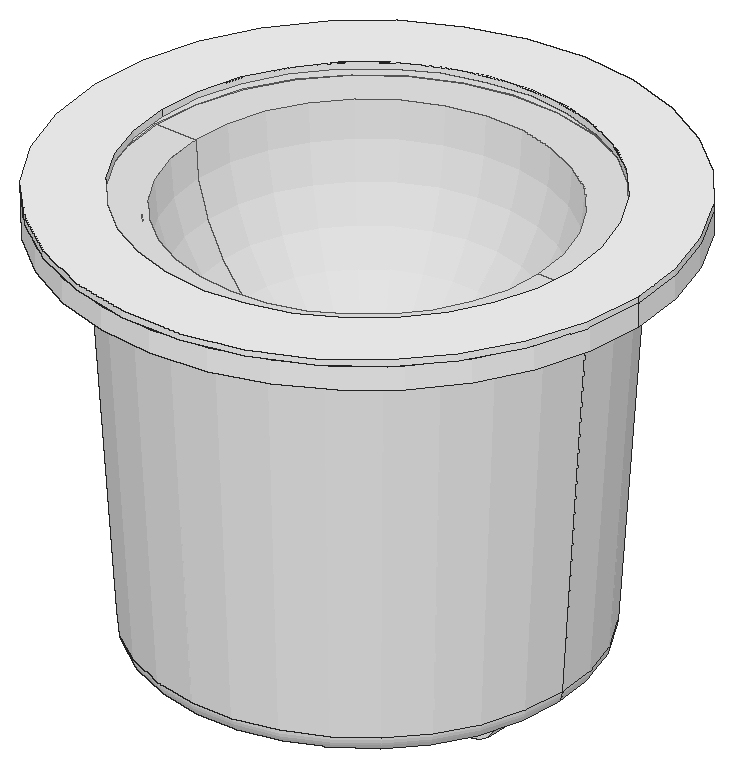
Revit family "2058929", category Lighting Fixtures, host Face, Revit 2018
Family settings
  Host = Face
  Round Connector Dimension = Use Diameter
  Part Type = Normal
  OmniClass Number = 23.80.70.11.17
  OmniClass Title = Specialized Lighting by Location or Use
  Cut with Voids When Loaded = No
  Light Source = Yes
  Shared = No
  Room Calculation Point = No
Parameters (values of type "2058929 MYRIAD DECO IP65 SP 2.7K DALI WH CBEZ")
  Weight = "n/a"
  Wattage = 15 W
  WarrantyStartDate [instance] = "n/a"
  WarrantyGuarantorParts = "n/a"
  WarrantyDurationUnit = "n/a"
  WarrantyDurationParts = ""
  WarrantyDescription = "http://www.sylvania-lighting.com"
  built-in parameter 1150110 = 1 (stored number, unit not read)
  Voltage = 230 V
  URL = "0"
  TypeName = "MYRIAD DECO IP65 SPOT 2700K DALI WHITE CBEZ"
  Type Image = 0
  Type Comments = ""
  built-in parameter 1114217 = 1 (stored number, unit not read)
  Tilt Angle = -90°
  built-in parameter 1150109 = 1 (stored number, unit not read)
  built-in parameter 1150134 = (empty or 0)
  built-in parameter 1150113 = 1 (stored number, unit not read)
  SerialNumber [instance] = "n/a"
  Reflector Radius = Cutout Diameter / 2 - 2.5 mm  # 35.0 mm
  Reflector Material = Aluminum_Sylvania_Myriad_Bright
  Recessed Depth = Height  # 72.0 mm
  PowerFactor = 0
  PowerConsumption = "Lighting"
  Photometric Web File = "2058929.ies"
  NominalWidth = 0.0 mm
  NominalLength = 76.0 mm
  NominalHeight = 72.0 mm
  Name = "MYRIAD DECO IP65 SPOT 2700K DALI WHITE CBEZ"
  ModelReference = "MYRIAD DECO IP65 SPOT 2700K DALI WHITE CBEZ"
  ModelNumber = "2058929"
  Material = "Feilo Sylvania"
  ManufacturerName = "124 lm/W"
  LuminousEfficacy = ""
  LuminaireType = "0"
  LightOutputRatio = "LED"
  LampsType = Lamp  # "n/a"
  LampNominalLuminous = "2700 K"
  LampMacAdamStep = "85"
  LampColourTemperature = "LED"
  LampColourRenderingIndex = "16500"
  Keynote = "n/a"
  Keynote_2 = "16500"
  InstallationDate [instance] = "n/a"
  InputVoltage = "0"
  InputNominalFrequency = "2700"
  IngressProtection = "IfcLightFixtureType"
  ImpactProtectionIndex = "IfcLightFixtureType"
  IfcExportType = "IfcLightFixtureType"
  IfcExportAs = "Class II"
  Height = 72.0 mm  # constant formula
  ExpectedLife = 50000
  Emit from Circle Diameter = Accessory Inner Diameter 2  # 68.0 mm
  Emit Shape Visible in Rendering = no
  ElectricShockClassification = "124"
  DurationUnit = "hours"
  DocumentationLiterature = "http://www.sylvania-lighting.com/product/en-int/products/2058929"
  DimmingControlOptions = "n/a"
  Diffuser Material = Glass_Sylvania_Myriad_Clear_4000K
  Diffuser Diameter = Cutout Diameter  # 75.0 mm
  Cutout Diameter = 75.0 mm  # constant formula
  CreatedOn = "03/02/2022"
  CreatedBy = "@sylvania-lighting.com"
  built-in parameter 1001205 = 0
  Cost = 0
  built-in parameter 1114216 [instance] = 1 (stored number, unit not read)
  Model = "MYRIAD DECO IP65 SPOT 2700K DALI WHITE CBEZ"
  Manufacturer = "Feilo Sylvania"  # constant formula
  built-in parameter 1150105 = 83.556 (stored number, unit not read)
  Lumens = 1050 lm
  built-in parameter 1150115 = 1 (stored number, unit not read)
  built-in parameter 1150137 = (empty or 0)
  built-in parameter 1150139 = (empty or 0)
  built-in parameter 1150112 = 1 (stored number, unit not read)
  built-in parameter 1150114 = 1 (stored number, unit not read)
  Lamp = "n/a"
  built-in parameter 1150132 = (empty or 0)
  built-in parameter 1150102 = (empty or 0)
  built-in parameter 1150107 = 2700 (stored number, unit not read)
  built-in parameter 1150138 = (empty or 0)
  built-in parameter 1150106 = 0.83556 (stored number, unit not read)
  built-in parameter 1150104 = 6.5032 (stored number, unit not read)
  Dimming Lamp Color Temperature Shift = <None>
  Description = "Supplied complete with electronic control gear Compact Fluorescent low energy downlight Emergency version passes through the cut out Ideal for low level orientation lighting New range of Architectural accessories each providing a different lit dimension New completely flush plaster up accessory ring for clean ceiling lines and smooth finish Order lamp separately"  # constant formula
  Default Elevation = 0.0 mm
  Color Filter = 16777215
  built-in parameter 1140040 [instance] = 1
  Body Radius = Reflector Radius + 1.5 mm  # 36.5 mm
  Body Material = Aluminum_Sylvania_Myriad_Gray
  BarCode [instance] = "n/a"
  built-in parameter 1114218 = 1 (stored number, unit not read)
  built-in parameter 1150133 = 10 (stored number, unit not read)
  AssetType = "Fixed"
  AssetIdentifier [instance] = "n/a"
  Assembly Code = "D5020200"
  Apparent Load = 10 VA
  Accessory Material = Aluminum_Sylvania_Myriad_White
  Accessory Inner Diameter 2 = Accessory Diameter - 22.0 mm  # 68.0 mm
  Accessory Inner Diameter 1 = Accessory Diameter - 2.0 mm  # 88.0 mm
  Accessory Diameter = Cutout Diameter + 15.0 mm  # 90.0 mm
Reference planes
  plane 1 "Center (Front/Back)": y = 0
  plane 2: z = 0
  plane 3 "Center (Left/Right)": x = 0
  plane 4: z = 2
  plane 5 "Fixture Bottom": z = 4.5
  plane 6: z = -28.5
  plane 7: z = -61.5
  plane 8 "Fixture Top": z = -67.5
  plane 9: z = 3.5
Forms (mm)
  Revolve 1, solid, material "Aluminum_Sylvania_Myriad_Bright" <- "Reflector Material", detail levels fine
    sketch origin (0, 0, 0) x (1, 0, 0) y (0, 0, 1)
      loop
        line (0, -27.515) -> (-6, -27.515)
        arc (-6, -27.515) -> (-22.333, -16.632) -> (-28.5, 2) r 30.135
        line (-28.5, 2) -> (-35, 2) -> (-35, 0) -> (-29.184, 0)
        arc (-29.184, 0) -> (-22.423, -18.18) -> (-6, -28.5) r 30.204
        line (-6, -28.5) -> (0, -28.5) -> (0, -27.515)
      axis (0, -28.5) -> (0, 2)
    angle from 0 to 360
  Revolve 2, solid, material "Aluminum_Sylvania_Myriad_Gray" <- "Body Material", detail levels fine
    sketch origin (0, 0, 0) x (1, 0, 0) y (0, 0, 1)
      loop
        line (-44, 2) -> (-44, 0) -> (-36.5, 0) -> (-32.42, -58.708)
        arc (-32.42, -58.708) -> (-31.474, -60.694) -> (-29.428, -61.5) r 3
        line (-29.428, -61.5) -> (0, -61.5) -> (0, -28.5) -> (-6, -28.5)
        arc (-6, -28.5) -> (-22.423, -18.18) -> (-29.184, 0) r 30.204
        line (-29.184, 0) -> (-35, 0) -> (-35, 2) -> (-44, 2)
      axis (0, 2) -> (0, -61.5)
    angle from 0 to 360
  Extrusion 3, solid, material "Aluminum_Sylvania_Myriad_Gray" <- "Body Material", detail levels fine
    sketch origin (0, 0, 0) x (1, 0, 0) y (0, 0, 1)
      loop
        line (-13.5, -67.5) -> (21, -67.5)
        arc (21, -67.5) -> (23.828, -66.328) -> (25, -63.5) r 4
        line (25, -63.5) -> (25, -61.5) -> (-17.5, -61.5) -> (-17.5, -63.5)
        arc (-17.5, -63.5) -> (-16.328, -66.328) -> (-13.5, -67.5) r 4
    from -4.5 to 4.5
  Extrusion 4, solid, material "Aluminum_Sylvania_Myriad_White" <- "Accessory Material", detail levels fine
    sketch origin (0, 0, 0) x (1, 0, 0) y (0, 1, 0)
      loop
        circle (0, 0) r 45
      loop
        circle (0, 0) r 44
    from 0 to 3.5
  Extrusion 5, solid, material "Aluminum_Sylvania_Myriad_White" <- "Accessory Material", detail levels fine
    sketch origin (0, 0, 0) x (1, 0, 0) y (0, 1, 0)
      loop
        circle (0, 0) r 45
      loop
        circle (0, 0) r 34
    from 3.5 to 4.5
  Extrusion 6, solid, material "Aluminum_Sylvania_Myriad_White" <- "Accessory Material", detail levels coarse+medium
    sketch origin (0, 0, 0) x (1, 0, 0) y (0, 1, 0)
      loop
        circle (0, 0) r 45
    from 0 to 4.5
  Revolve 7, solid, detail levels coarse+medium
    sketch origin (0, 0, 0) x (1, 0, 0) y (0, 0, 1)
      loop
        line (36.5, 0) -> (0, 0) -> (0, -61.5) -> (32.226, -61.5) -> (36.5, 0)
      axis (0, 0) -> (0, -61.5)
    angle from 0 to 360
  Extrusion 8, void
    sketch origin (0, 0, 0) x (1, 0, 0) y (0, 1, 0)
      loop
        circle (0, 0) r 37.5
    from -67.5 to 0
  Extrusion 9, solid, material "Glass_Sylvania_Myriad_Clear_4000K" <- "Diffuser Material", detail levels fine
    sketch origin (0, 0, 0) x (1, 0, 0) y (0, 1, 0)
      loop
        circle (0, 0) r 37.5
    from 2 to 3.5
Cuts and joins
  joined: Extrusion 4, Extrusion 5
Lines and regions (mm)
  Masking region 1
    outline origin (0, 0, 0) x (1, 0, 0) y (0, 1, 0)
      loop
        circle (0, 0) r 45
  symbolic lines
    curve 1: arc (-34, 0, 0) -> (0, 34, 0) -> (34, 0, 0) r 34
    curve 2: arc (34, 0, 0) -> (0, -34, 0) -> (-34, 0, 0) r 34
Dimensions and locks
  locked: plane 7 to plane 8 "Fixture Top" at 6
  "Body Radius": Revolve 7 sketch curve to plane 3 "Center (Left/Right)"
  locked: Revolve 7 sketch curve to Revolve 7 sketch curve at 4.274
  plane 5 "Fixture Bottom" to plane 9 to plane 4 to plane 2 to plane 6 = 1.0 mm locked, 1.5 mm locked, 2.0 mm locked, 28.5 mm locked
  "Reflector Radius": Revolve 1 sketch curve to plane 3 "Center (Left/Right)"
  Revolve 1 sketch curve to Revolve 1 sketch curve to Revolve 1 sketch curve to Revolve 1 sketch curve = 6.5 mm locked, 22.5 mm locked, 0.0 mm locked
  "Reflector Radius": plane 3 "Center (Left/Right)" to Revolve 2 sketch curve
  Revolve 2 sketch curve to Revolve 2 sketch curve to Revolve 2 sketch curve = 7.5 mm locked, 1.5 mm locked
  Revolve 2 sketch curve to Revolve 2 sketch curve to Revolve 2 sketch curve = 5.816 mm locked, 23.184 mm locked
  Revolve 2 sketch curve to Revolve 2 sketch curve to Revolve 2 sketch curve = 2.58 mm locked, 2.993 mm locked
  "Accessory Diameter": diameter of Extrusion 4 sketch curve
  "Accessory Inner Diameter 1": diameter of Extrusion 4 sketch curve
  "Accessory Diameter": diameter of Extrusion 5 sketch curve
  "Accessory Diameter": diameter of Extrusion 6 sketch curve
  "Cutout Diameter": diameter of Extrusion 8 sketch curve
  "Accessory Inner Diameter 2": diameter of Extrusion 5 sketch curve
  "Diffuser Diameter": diameter of Extrusion 9 sketch curve
  aligned and locked: plane 2 to host face
  aligned and locked: level to host face
  aligned and locked: plane 1 "Center (Front/Back)" to imposter light
  aligned and locked: plane 3 "Center (Left/Right)" to imposter light
  aligned and locked: Revolve 1 sketch curve to imposter light
  aligned and locked: Extrusion 3 sketch curve to plane 8 "Fixture Top"
  aligned and locked: plane 7 to Extrusion 3 sketch curve
  aligned and locked: Extrusion 4 to plane 2
  aligned and locked: plane 9 to Extrusion 4
  aligned and locked: Extrusion 5 to plane 9
  aligned and locked: plane 5 "Fixture Bottom" to Extrusion 5
  aligned and locked: Extrusion 6 to plane 2
  aligned and locked: plane 5 "Fixture Bottom" to Extrusion 6
  aligned and locked: Extrusion 8 to plane 8 "Fixture Top"
  aligned and locked: plane 2 to Extrusion 8
  aligned and locked: Masking region 1 sketch curve to Extrusion 6  (x2)
  aligned and locked: Extrusion 9 to plane 4
  aligned and locked: plane 9 to Extrusion 9
  aligned and locked: plane 4 to Revolve 2 sketch curve
  aligned and locked: Revolve 2 sketch curve to plane 2
  aligned and locked: curve 1 to cut or joined group of Extrusion 4, Extrusion 5
  aligned and locked: curve 2 to cut or joined group of Extrusion 4, Extrusion 5
  aligned and locked: imposter light to plane 5 "Fixture Bottom"
Automatic sketch dimensions
  host sketch curve to host sketch curve = 1305.563 mm
  host sketch curve to host sketch curve = 1283.632 mm
  Extrusion 3 sketch curve to plane 7 = 2.0 mm
  Extrusion 3 sketch curve to plane 3 "Center (Left/Right)" = 13.5 mm
  plane 3 "Center (Left/Right)" to Extrusion 3 sketch curve = 21.0 mm
  Extrusion 3 sketch curve to Extrusion 3 sketch curve = 4.0 mm
  Revolve 1 sketch curve to level = 0.0 mm
  Revolve 1 sketch curve to plane 3 "Center (Left/Right)" = 0.0 mm
  Revolve 1 sketch curve to plane 6 = 0.0 mm
  Revolve 1 sketch curve to plane 4 = 0.0 mm
  Revolve 1 sketch curve to Revolve 1 sketch curve = 0.684 mm
  level to Revolve 1 sketch curve = 0.88 mm
  Revolve 1 sketch curve to plane 4 = 0.363 mm
  Revolve 1 sketch curve to Revolve 1 sketch curve = 0.625 mm
  Revolve 1 sketch curve to plane 8 "Fixture Top" = 232.8 mm
  plane 5 "Fixture Bottom" to Revolve 1 sketch curve = 291.243 mm
  Revolve 2 sketch curve to plane 3 "Center (Left/Right)" = 0.0 mm  (x2)
  Revolve 2 sketch curve to plane 7 = 0.0 mm
  Revolve 2 sketch curve to plane 6 = 0.0 mm
  Revolve 2 sketch curve to level = 0.0 mm
  level to Revolve 2 sketch curve = 0.88 mm
  plane 7 to Revolve 2 sketch curve = 2.792 mm
  Revolve 2 sketch curve to plane 8 "Fixture Top" = 304.774 mm
  plane 5 "Fixture Bottom" to Revolve 2 sketch curve = 1137.105 mm
  Extrusion 4 sketch curve to Extrusion 4 sketch curve = 0.0 mm  (x2)
  plane 1 "Center (Front/Back)" to Extrusion 4 sketch curve = 0.0 mm
  Extrusion 4 sketch curve to plane 3 "Center (Left/Right)" = 0.0 mm
  Extrusion 5 sketch curve to Extrusion 5 sketch curve = 0.0 mm  (x2)
  plane 1 "Center (Front/Back)" to Extrusion 5 sketch curve = 0.0 mm
  Extrusion 5 sketch curve to plane 3 "Center (Left/Right)" = 0.0 mm
  plane 1 "Center (Front/Back)" to Extrusion 6 sketch curve = 0.0 mm
  Extrusion 6 sketch curve to plane 3 "Center (Left/Right)" = 0.0 mm
  Revolve 7 sketch curve to level = 0.0 mm
  Revolve 7 sketch curve to plane 3 "Center (Left/Right)" = 0.0 mm  (x2)
  Revolve 7 sketch curve to plane 7 = 0.0 mm
  Revolve 7 sketch curve to plane 8 "Fixture Top" = 304.774 mm
  plane 5 "Fixture Bottom" to Revolve 7 sketch curve = 43.226 mm
  plane 1 "Center (Front/Back)" to Extrusion 8 sketch curve = 0.0 mm
  Extrusion 8 sketch curve to plane 3 "Center (Left/Right)" = 0.0 mm
  plane 1 "Center (Front/Back)" to Extrusion 9 sketch curve = 0.0 mm
  Extrusion 9 sketch curve to plane 3 "Center (Left/Right)" = 0.0 mm
Connectors
  electrical at (-0.006, -0.019, -67.5), driven by "Apparent Load", driven by "Apparent Load"
    settings: on plane 8 "Fixture Top", index 1, voltage 230 V, apparent load 10 VA, apparent load phase1 10 VA, apparent load phase2 0 VA, apparent load phase3 0 VA, power factor 1, load classification "Lighting", number of poles 1, system type 30, power factor state 1, is connector primary yes, connector utility no, sub classification motor no, connector description ""
